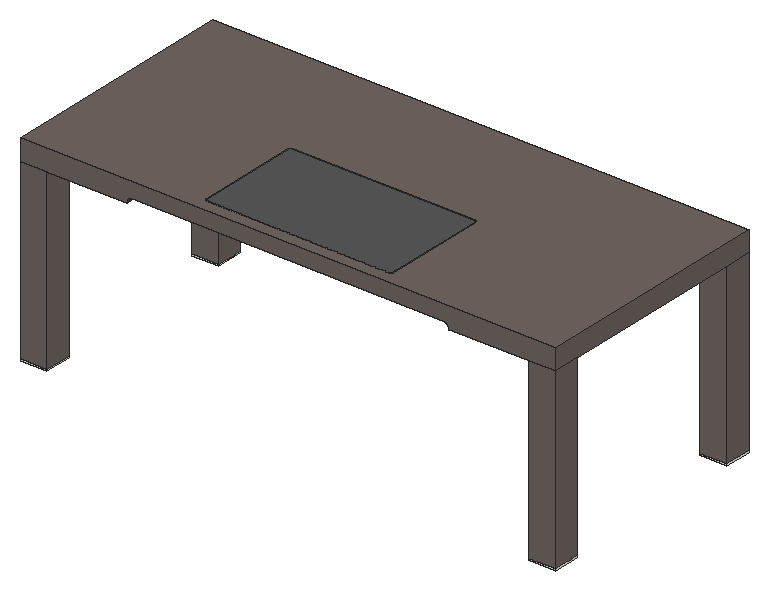
Revit family
Parameters
  Model = ""
  Cost = 1
  Assembly Code = ""
Reference planes
  plane 1 "Center (Front/Back)": y = 0
  plane 2: z = 0
  plane 3 "Center (Left/Right)": x = 0
Forms (mm)
  Extrusion 1, solid, material "Veneer Top"
    sketch origin (0, 0, 0) x (1, 0, 0) y (0, 1, 0)
      loop
        line (-983, 433) -> (-983, -433) -> (983, -433) -> (983, 433) -> (-983, 433)
    from 717 to 745
  Extrusion 2, solid, material "Veneer Top"
    sketch origin (0, 0, 0) x (1, 0, 0) y (0, 0, 1)
      loop
        line (-1000, 745) -> (-1000, 667) -> (-603, 667)
        arc (-603, 667) -> (-600.879, 667.879) -> (-600, 670) r 3
        arc (-600, 670) -> (-594.142, 684.142) -> (-580, 690) r 20
        line (-580, 690) -> (580, 690)
        arc (580, 690) -> (594.142, 684.142) -> (600, 670) r 20
        arc (600, 670) -> (600.879, 667.879) -> (603, 667) r 3
        line (603, 667) -> (1000, 667) -> (1000, 745) -> (-1000, 745)
    from 433 to 450
  Extrusion 3, solid, material "Veneer Top"
    sketch origin (0, 75, 0) x (1, 0, 0) y (0, 0, -1)
      loop
        line (-1000, -745) -> (1000, -745) -> (1000, -667) -> (-1000, -667) -> (-1000, -745)
    from 358 to 375
  Extrusion 4, solid, material "Veneer Top"
    sketch origin (0, 0, 0) x (0, 1, 0) y (0, 0, 1)
      loop
        line (433, 745) -> (-433, 745) -> (-433, 667) -> (433, 667) -> (433, 745)
    from 983 to 1000
  Extrusion 5, solid, material "Veneer Top"
    sketch origin (0, 0, 0) x (0, 1, 0) y (0, 0, -1)
      loop
        line (433, -745) -> (433, -667) -> (-433, -667) -> (-433, -745) -> (433, -745)
    from 983 to 1000
  Extrusion 6, solid, material "Veneer Leg"
    sketch origin (100, -75, 0) x (1, 0, 0) y (0, 1, 0)
      loop
        line (-1100, -375) -> (-1000, -375) -> (-1000, -275) -> (-1100, -275) -> (-1100, -375)
    from 5 to 667
  Extrusion 7, solid, material "Veneer Leg Metal Plate"
    sketch origin (100, -75, 0) x (1, 0, 0) y (0, 1, 0)
      loop
        line (-1100, -275) -> (-1100, -375) -> (-1000, -375) -> (-1000, -275) -> (-1100, -275)
    from 0 to 5
  Extrusion 8, solid, material "Veneer Leg"
    sketch origin (-100, -75, 0) x (-1, 0, 0) y (0, -1, 0)
      loop
        line (-1100, 375) -> (-1100, 275) -> (-1000, 275) -> (-1000, 375) -> (-1100, 375)
    from 5 to 667
  Extrusion 9, solid, material "Veneer Leg Metal Plate"
    sketch origin (-100, -75, 0) x (-1, 0, 0) y (0, -1, 0)
      loop
        line (-1100, 275) -> (-1000, 275) -> (-1000, 375) -> (-1100, 375) -> (-1100, 275)
    from 0 to 5
  Extrusion 10, solid, material "Veneer Leg"
    sketch origin (100, 75, 0) x (1, 0, 0) y (0, 1, 0)
      loop
        line (-1100, 375) -> (-1100, 275) -> (-1000, 275) -> (-1000, 375) -> (-1100, 375)
    from 5 to 667
  Extrusion 11, solid, material "Veneer Leg Metal Plate"
    sketch origin (100, 75, 0) x (1, 0, 0) y (0, 1, 0)
      loop
        line (-1100, 275) -> (-1000, 275) -> (-1000, 375) -> (-1100, 375) -> (-1100, 275)
    from 0 to 5
  Extrusion 12, solid, material "Veneer Leg"
    sketch origin (-100, 75, 0) x (-1, 0, 0) y (0, -1, 0)
      loop
        line (-1100, -375) -> (-1000, -375) -> (-1000, -275) -> (-1100, -275) -> (-1100, -375)
    from 5 to 667
  Extrusion 13, solid, material "Veneer Leg Metal Plate"
    sketch origin (-100, 75, 0) x (-1, 0, 0) y (0, -1, 0)
      loop
        line (-1100, -275) -> (-1100, -375) -> (-1000, -375) -> (-1000, -275) -> (-1100, -275)
    from 0 to 5
  Extrusion 14, void
    sketch origin (0, 0, 0) x (1, 0, 0) y (0, 1, 0)
      loop
        arc (-340, -3) -> (-347.071, -5.929) -> (-350, -13) r 10
        line (-350, -13) -> (-350, -393)
        arc (-350, -393) -> (-347.071, -400.071) -> (-340, -403) r 10
        line (-340, -403) -> (340, -403)
        arc (340, -403) -> (347.071, -400.071) -> (350, -393) r 10
        line (350, -393) -> (350, -13)
        arc (350, -13) -> (347.071, -5.929) -> (340, -3) r 10
        line (340, -3) -> (-340, -3)
    from 733 to 750
  Extrusion 15, solid, material "writing pad"
    sketch origin (0, 0, 0) x (1, 0, 0) y (0, 1, 0)
      loop
        line (-340, -402) -> (340, -402)
        arc (340, -402) -> (346.364, -399.364) -> (349, -393) r 9
        line (349, -393) -> (349, -13)
        arc (349, -13) -> (346.364, -6.636) -> (340, -4) r 9
        line (340, -4) -> (-340, -4)
        arc (-340, -4) -> (-346.364, -6.636) -> (-349, -13) r 9
        line (-349, -13) -> (-349, -393)
        arc (-349, -393) -> (-346.364, -399.364) -> (-340, -402) r 9
    from 733 to 745
Cuts and joins
  Extrusion 14 cuts Extrusion 1
  Extrusion 14 cuts Extrusion 2
  Extrusion 14 cuts Extrusion 3
  Extrusion 14 cuts Extrusion 4
  Extrusion 14 cuts Extrusion 5
  joined: Extrusion 1, Extrusion 2, Extrusion 3, Extrusion 4, Extrusion 5
